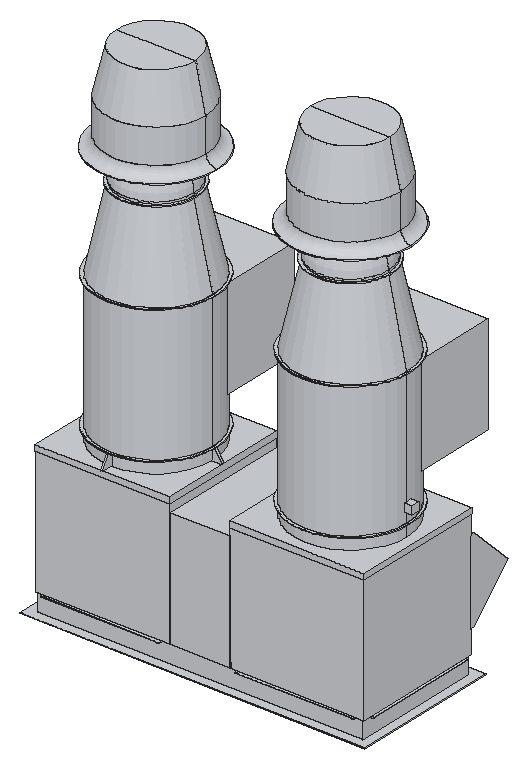
Revit family "QMXVP_with_1X2_Mixing_Box_Sides", category Mechanical Equipment, Revit 2019
Family settings
  Round Connector Dimension = Use Diameter
  Part Type = Normal
  Work Plane-Based = No
  Always vertical = Yes
  Cut with Voids When Loaded = No
  Shared = No
  Room Calculation Point = No
Parameters (values of type "402_QMXVP-27L-1X2_Mixing_Box_Sides")
  Unit Weight [instance] = ""
  UNIT_RADIUS+4" = UNIT_RADIUS + 4"  # 32 15/32"
  UNIT_RADIUS*.6 = UNIT_RADIUS * 0.9  # 25.62188"
  UNIT_RADIUS = UNIT_OD / 2  # 28 15/32"
  UNIT_RAD+((A/2)+.25")+4" = UNIT_RADIUS + ((A / 2) + 1/4") + 4"  # 66 7/32"
  UNIT_RAD+((A/2)+.25") = UNIT_RADIUS + ((A / 2) + 1/4")  # 62 7/32"
  UNIT_OD = 56 15/16"
  UNIT_HEIGHT*.75 = UNIT_HEIGHT * 0.75  # 51 3/8"
  UNIT_HEIGHT = 68 1/2"
  TYPE = 0"
  TRANSITION_TOP = 118 3/4"
  Sones [instance] = ""
  RO2/2 = 29 23/32"
  RO/2 = RO / 2  # 29 23/32"
  RO = 59 7/16"
  NOZZLE_WB_RAD-2" = NOZZLE_WB_RAD - 2"  # 28 1/2"
  NOZZLE_WB_RAD = NOZZLE_WB_OD / 2  # 30 1/2"
  NOZZLE_WB/4 = NOZZLE_WB_OD / 5  # 12.2"
  NOZZLE_TOP_RAD = NOZZLE_TOP_OD / 2  # 19 27/32"
  NOZZLE_TOP_OD = if(NOZZLE_SIZE = 108", 13 1/2", if(NOZZLE_SIZE = 144", 19 1/2", if(NOZZLE_SIZE = 180", 23", if(NOZZLE_SIZE = 216", 27 1/2", if(NOZZLE_SIZE = 252", 30 3/4", if(NOZZLE_SIZE = 288", 36 1/2", if(NOZZLE_SIZE = 324", 39 11/16", if(NOZZLE_SIZE = 360", 45 1/2", if(NOZZLE_SIZE = 432", 58", if(NOZZLE_SIZE = 588", 76", 1"))))))))))  # 39 11/16"
  NOZZLE_SIZE = 324"
  NOZZLE_HEIGHT/7*2 = NOZZLE_HEIGHT / 8 * 2  # 15 5/32"
  NOZZLE_HEIGHT = if(NOZZLE_SIZE = 108", 28", if(NOZZLE_SIZE = 144", 32", if(NOZZLE_SIZE = 180", 43", if(NOZZLE_SIZE = 216", 48", if(NOZZLE_SIZE = 252", 52 3/4", if(NOZZLE_SIZE = 288", 62", if(NOZZLE_SIZE = 360", 78", if(NOZZLE_SIZE = 324", 60 5/8", if(NOZZLE_SIZE = 432", 95", if(NOZZLE_SIZE = 588", 110", 1"))))))))))  # 60 5/8"
  NOZZLE_BOTTOM_RAD = NOZZLE_BOTTOM_ID / 2  # 19 5/32"
  NOZZLE_WB_OD = if(NOZZLE_SIZE = 108", 23", if(NOZZLE_SIZE = 144", 28", if(NOZZLE_SIZE = 180", 36", if(NOZZLE_SIZE = 216", 43", if(NOZZLE_SIZE = 252", 49", if(NOZZLE_SIZE = 288", 61", if(NOZZLE_SIZE = 324", 61", if(NOZZLE_SIZE = 360", 74", if(NOZZLE_SIZE = 432", 90", if(NOZZLE_SIZE = 588", 101", 1"))))))))))  # 61"
  NOZZLE_BOTTOM_ID = if(NOZZLE_SIZE = 108", 12 13/16", if(NOZZLE_SIZE = 144", 17 1/16", if(NOZZLE_SIZE = 180", 21 3/8", if(NOZZLE_SIZE = 216", 25 5/8", if(NOZZLE_SIZE = 252", 28 3/4", if(NOZZLE_SIZE = 288", 34 3/4", if(NOZZLE_SIZE = 324", 38 5/16", if(NOZZLE_SIZE = 360", 42 1/2", if(NOZZLE_SIZE = 432", 51 3/4", if(NOZZLE_SIZE = 588", 69 3/8", 1"))))))))))  # 38 5/16"
  Motor RPM [instance] = ""
  Motor Enclosure [instance] = ""
  ModelID [instance] = ""
  MB_HT/2 = MB_HT / 2  # 32 31/32"
  MB_HT-2.75" = MB_HT - 2 3/4"  # 63 3/16"
  MB_HT+.25" = MB_HT + 1/4"  # 66 3/16"
  MB_HT = 65 15/16"
  MB_A = 90"
  LwA [instance] = ""
  LONG_RO = 156 3/4"
  GA = if(UNIT_OD > 84", 23/128", if(UNIT_OD > 69", 17/128", 27/256"))  # 27/256"
  Fan RPM [instance] = ""
  E = 65 3/4"
  DUAL_G = 163"
  DUAL_F+1" = DUAL_F + 1"  # 165"
  DUAL_F = 164"
  CURB_HEIGHT [instance] = 12"  # constant formula
  CURB [instance] = yes
  C/2 = C / 2  # 44"
  C = 88"
  Bypass Damper Actuator = ""
  B/2 = B / 2  # 91 1/2"
  B = 183"
  Assembly Code = ""
  Accessories [instance] = ""
  A/2 = A / 2  # 33 1/2"
  A+.5 = A + 1/2"  # 67 1/2"
  A = 67"
  6" = 6"  # constant formula
  5" = 5"  # constant formula
  3.125" = 3 1/8"  # constant formula
  3" = 3"  # constant formula
  Brake Hp [instance] = ""
  4" = 4"  # constant formula
  2' = 24"
  2" = 2"  # constant formula
  135 = 135.00°
  1" = 1"  # constant formula
  0 = 0"  # constant formula
  Voltage [instance] = 0 V
  URL = "www.lorencook.com"
  Type Comments = if(TYPE = 12", "Vari-Plume Laboratory Exhaust Mixed-Flow High Pressure Inline Belt Drive With 1X2 Mixing Box With Weather Hoods On Sides\r\n", "Vari-Plume Laboratory Exhaust Mixed-Flow Inline Belt Drive With 1X2 Mixing Box With Weather Hoods On Sides\r\n")  # "Vari-Plume Laboratory Exhaust Mixed-Flow Inline Belt Drive With 1X2 Mixing Box With Weather Hoods On Sides\r\n"
  Static Pressure [instance] = 0.00 in-wg
  Power [instance] = Voltage * Motor FLA * sqrt(if(Phase = 3, 3, 1))  # 0 VA
  Phase [instance] = 0
  Number of Poles [instance] = 1
  Motor Hp [instance] = "0"
  Motor FLA [instance] = 0 A
  Model = if(TYPE = 12", "QMXHPVP-1X2_Mixing Box_Sides", "QMXVP-1X2_Mixing Box_Sides")  # "QMXVP-1X2_Mixing Box_Sides"
  Manufacturer = "Loren Cook Company"
  CFM [instance] = 0 CFM
  1.5 = 1 1/2"  # constant formula
  1/4 = 1/4"  # constant formula
  ONE EIGTH = 1/8"  # constant formula
  -A = -A  # -67"
  (NOZZLE_WB_OD-NOZZLE_TOP_OD)/2 = (NOZZLE_WB_OD - NOZZLE_TOP_OD) / 4  # 5 21/64"
  (NOZZLE_HEIGHT-(NOZZLE_HEIGHT/8*2))/2 = (NOZZLE_HEIGHT - (NOZZLE_HEIGHT / 8 * 2)) / 2  # 22 47/64"
  (A/2)+.25" = (A / 2) + 1/4"  # 33 3/4"
Reference planes (in)
  plane 1 "Center (Front/Back)": y = 0
  plane 2: z = 0
  plane 3 "Center (Left/Right)": x = 0.40541
Forms (in)
  Extrusion 1, solid
    sketch origin (0, 0, 0) x (1, 0, 0) y (0, 1, 0)
      loop
        line (-33.34459, 33.75) -> (-33.34459, -33.75) -> (34.15541, -33.75) -> (34.15541, 33.75) -> (-33.34459, 33.75)
      loop
        line (64.15541, 33.75) -> (64.15541, -33.75) -> (131.65541, -33.75) -> (131.65541, 33.75) -> (64.15541, 33.75)
    from 66.1875 <- "MB_HT+.25"" to 63.1875 <- "MB_HT-2.75""
  Revolve 2, solid
    sketch origin (0, 0, 0) x (1, 0, 0) y (0, 0, 1)
      loop
        line (0.40541, 66.1875) -> (28.87416, 66.1875) -> (28.87416, 72.1875) -> (30.37416, 72.1875) -> (30.37416, 72.4375) -> (28.87416, 72.4375) -> (28.87416, 140.4375) -> (30.37416, 140.4375) -> (30.37416, 140.6875) -> (28.87416, 140.6875) -> (19.56166, 181.6875) -> (21.06166, 181.6875) -> (21.06166, 181.9375) -> (0.40541, 181.9375) -> (0.40541, 66.1875)
      axis (0.40541, 181.9375) -> (0.40541, 66.1875)
    angle from 0 to 360
  Revolve 3, solid
    sketch origin (0, 0, 0) x (1, 0, 0) y (0, 0, 1)
      loop
        line (0.40541, 181.9375) -> (19.56166, 181.9375) -> (19.56166, 182.9375)
        arc (19.56166, 182.9375) -> (17.72865, 190.82402) -> (12.60541, 197.09375) r 17.8824
        line (12.60541, 197.09375) -> (30.90541, 197.09375) -> (20.24916, 242.5625) -> (0.40541, 242.5625) -> (0.40541, 181.9375)
      axis (0.40541, 242.5625) -> (0.40541, 181.9375)
    angle from 0 to 360
  Extrusion 4, solid
    sketch origin (0.40541, 0, 140.4375) x (1, 0, 0) y (0, -1, 0)
      loop
        line (-25.62187, -12.40924) -> (-25.62187, -54.25) -> (25.62188, -54.25) -> (25.62188, -12.40924)
        arc (25.62188, -12.40924) -> (0, -28.46875) -> (-25.62187, -12.40924) r 28.46875
      loop
        line (71.87813, -12.40924) -> (71.87813, -54.25) -> (123.12188, -54.25) -> (123.12188, -12.40924)
        arc (123.12188, -12.40924) -> (97.5, -28.46875) -> (71.87813, -12.40924) r 28.46875
    from 51.375 <- "UNIT_HEIGHT*.75" to 1.5
  Extrusion 5, solid
    sketch origin (0, 0, 0) x (1, 0, 0) y (0, 0, 1)
      loop
        line (-33.34459, 66.1875) -> (-28.06334, 66.1875) -> (-28.06334, 72.1875) -> (-29.56334, 72.1875) -> (-33.34459, 66.1875)
      loop
        line (34.15541, 66.1875) -> (30.37416, 72.1875) -> (28.87416, 72.1875) -> (28.87416, 66.1875) -> (34.15541, 66.1875)
    from -0.5 to 0.5
  Extrusion 6, solid
    sketch origin (0.40541, 0, 0) x (0, 1, 0) y (0, 0, 1)
      loop
        line (33.75, 66.1875) -> (29.96875, 72.1875) -> (28.46875, 72.1875) -> (28.46875, 66.1875) -> (33.75, 66.1875)
      loop
        line (-33.75, 66.1875) -> (-28.46875, 66.1875) -> (-28.46875, 72.1875) -> (-29.96875, 72.1875) -> (-33.75, 66.1875)
    from -0.5 to 0.5
  Extrusion 7, solid
    sketch origin (0.40541, 0, 72.1875) x (1, 0, 0) y (0, -1, 0)
      loop
        line (-28.46875, 2) -> (-32.46875, 2) -> (-32.46875, -2) -> (-28.46875, -2) -> (-28.46875, 2)
      loop
        line (129.96875, -2) -> (129.96875, 2) -> (125.96875, 2) -> (125.96875, -2) -> (129.96875, -2)
    from -10 to -6
  Revolve 8, void
    sketch origin (0, 0, 0) x (1, 0, 0) y (0, 0, 1)
      loop
        arc (25.57729, 202.67188) -> (30.90541, 197.34375) -> (36.23354, 202.67188) r 5.32813
        line (36.23354, 202.67188) -> (36.23354, 219.82813) -> (25.57729, 219.82813) -> (25.57729, 202.67188)
      axis (0.40541, 202.67188) -> (0.40541, 219.82813)
    angle from 0 to 360
  Extrusion 9, solid
    sketch origin (0, 0, 0) x (1, 0, 0) y (0, 1, 0)
      loop
        line (-33.09459, 33.5) -> (-33.09459, -33.5) -> (33.90541, -33.5) -> (33.90541, 33.5) -> (-33.09459, 33.5)
      loop
        line (64.40541, 33.5) -> (64.40541, -33.5) -> (131.40541, -33.5) -> (131.40541, 33.5) -> (64.40541, 33.5)
    from 0 to 63.1875 <- "MB_HT-2.75""
  Extrusion 10, void
    sketch origin (0, 0, 0) x (1, 0, 0) y (0, 1, 0)
      loop
        line (-32.84459, 33.25) -> (-32.84459, -33.25) -> (33.65541, -33.25) -> (33.65541, 33.25) -> (-32.84459, 33.25)
      loop
        line (64.65541, 33.25) -> (64.65541, -33.25) -> (131.15541, -33.25) -> (131.15541, 33.25) -> (64.65541, 33.25)
    from 0 to 2.875
  Extrusion 11, solid
    sketch origin (0, 0, 0) x (1, 0, 0) y (0, 1, 0)
      loop
        line (-33.34459, 29.75) -> (-34.84459, 29.75) -> (-34.84459, -29.75) -> (-33.34459, -29.75) -> (-33.34459, 29.75)
      loop
        line (-29.34459, -33.75) -> (-29.34459, -35.25) -> (30.15541, -35.25) -> (30.15541, -33.75) -> (-29.34459, -33.75)
      loop
        line (30.15541, 33.75) -> (30.15541, 35.25) -> (-29.34459, 35.25) -> (-29.34459, 33.75) -> (30.15541, 33.75)
      loop
        line (68.15541, 33.75) -> (127.65541, 33.75) -> (127.65541, 35.25) -> (68.15541, 35.25) -> (68.15541, 33.75)
      loop
        line (131.65541, 29.75) -> (131.65541, -29.75) -> (133.15541, -29.75) -> (133.15541, 29.75) -> (131.65541, 29.75)
      loop
        line (127.65541, -33.75) -> (68.15541, -33.75) -> (68.15541, -35.25) -> (127.65541, -35.25) -> (127.65541, -33.75)
    from 0 to 0.125
  Extrusion 12, solid
    sketch origin (-33.09459, 33.5, 0) x (1, 0, 0) y (0, 0, -1)
      loop
        line (63, -61.1875) -> (63, -56.1875) -> (4, -56.1875) -> (4, -61.1875) -> (63, -61.1875)
      loop
        line (160.5, -56.1875) -> (101.5, -56.1875) -> (101.5, -61.1875) -> (160.5, -61.1875) -> (160.5, -56.1875)
    from 0 to 0.125
  Extrusion 13, solid
    sketch origin (-33.09459, 33.625, 0) x (1, 0, 0) y (0, 0, -1)
      loop
        line (11, -60.1875) -> (11, -57.1875) -> (5, -57.1875) -> (5, -60.1875) -> (11, -60.1875)
      loop
        line (102.5, -60.1875) -> (108.5, -60.1875) -> (108.5, -57.1875) -> (102.5, -57.1875) -> (102.5, -60.1875)
    from 0 to 3.5
  Extrusion 14, solid
    sketch origin (-33.09459, -33.5, 0) x (0, 1, 0) y (0, 0, -1)
      loop
        line (67, -53.96875) -> (69, -53.96875) -> (90, -32.96875) -> (69, -11.96875) -> (67, -11.96875) -> (67, -53.96875)
    from 0 to -67 <- "-A"
  Revolve 15, solid
    sketch origin (0, 0, 0) x (1, 0, 0) y (0, 0, 1)
      loop
        line (97.90541, 66.1875) -> (126.37416, 66.1875) -> (126.37416, 72.1875) -> (127.87416, 72.1875) -> (127.87416, 72.4375) -> (126.37416, 72.4375) -> (126.37416, 140.1875) -> (127.87416, 140.1875) -> (127.87416, 140.4375) -> (126.37416, 140.4375) -> (117.06166, 181.4375) -> (118.56166, 181.4375) -> (118.56166, 181.6875) -> (97.90541, 181.6875) -> (97.90541, 66.1875)
      axis (97.90541, 181.6875) -> (97.90541, 66.1875)
    angle from 0 to 360
  Revolve 16, solid
    sketch origin (0, 0, 0) x (1, 0, 0) y (0, 0, 1)
      loop
        line (97.90541, 181.4375) -> (117.06166, 181.4375) -> (117.06166, 182.4375)
        arc (117.06166, 182.4375) -> (115.23435, 190.54914) -> (110.10541, 197.09375) r 18.91789
        line (110.10541, 197.09375) -> (128.40541, 197.09375) -> (117.74916, 242.5625) -> (97.90541, 242.5625) -> (97.90541, 181.4375)
      axis (97.90541, 242.5625) -> (97.90541, 181.4375)
    angle from 0 to 360
  Revolve 17, void
    sketch origin (0, 0, 0) x (1, 0, 0) y (0, 0, 1)
      loop
        line (133.73354, 219.82813) -> (123.07729, 219.82813) -> (123.07729, 202.67188)
        arc (123.07729, 202.67188) -> (128.40541, 197.34375) -> (133.73354, 202.67188) r 5.32813
        line (133.73354, 202.67188) -> (133.73354, 219.82813)
      axis (97.90541, 219.82813) -> (97.90541, 202.67188)
    angle from 0 to 360
  Extrusion 18, solid
    sketch origin (131.40541, 33.5, 0) x (0, -1, 0) y (0, 0, -1)
      loop
        line (0, -53.96875) -> (0, -11.96875) -> (-2, -11.96875) -> (-23, -32.96875) -> (-2, -53.96875) -> (0, -53.96875)
    from 0 to -67 <- "-A"
  Extrusion 19, solid
    sketch origin (33.90541, -33.5, 0) x (-1, 0, 0) y (0, 0, -1)
      loop
        line (0, -59.1875) -> (0, 0) -> (-30.5, 0) -> (-30.5, -59.1875) -> (0, -59.1875)
    from 0 to -67 <- "-A"
  Extrusion 20, void
    sketch origin (64.40541, -33.5, 0) x (1, 0, 0) y (0, 1, 0)
      loop
        line (-0.25, 0.25) -> (-0.25, 66.75) -> (-30.25, 66.75) -> (-30.25, 0.25) -> (-0.25, 0.25)
    from 0 to 2.875
  Extrusion 21, solid, visible <- "CURB"
    sketch origin (0, 0, 2.875) x (0, 1, 0) y (1, 0, 0)
      loop
        line (29.71875, -29.31334) -> (29.71875, 127.43666) -> (-29.71875, 127.43666) -> (-29.71875, -29.31334) -> (29.71875, -29.31334)
      loop
        line (-32.84375, 130.56166) -> (-32.84375, -32.43834) -> (32.84375, -32.43834) -> (32.84375, 130.56166) -> (-32.84375, 130.56166)
    from 0 to 12 <- "CURB_HEIGHT"
  Extrusion 22, solid, visible <- "CURB"
    sketch origin (0, 0, -9.125) x (-1, 0, 0) y (0, 1, 0)
      loop
        line (32.43834, -32.84375) -> (32.43834, 32.84375) -> (-130.56166, 32.84375) -> (-130.56166, -32.84375) -> (32.43834, -32.84375)
      loop
        line (-135.56166, 37.84375) -> (-135.56166, -37.84375) -> (37.43834, -37.84375) -> (37.43834, 37.84375) -> (-135.56166, 37.84375)
    from 0 to -0.125
Cuts and joins
  Revolve 8 cuts Revolve 3
  Extrusion 10, Extrusion 20 cuts Extrusion 9
  Revolve 17 cuts Revolve 16
  Extrusion 20 cuts Extrusion 11
  Extrusion 20 cuts Extrusion 19
Dimensions and locks (in)
  "(A/2)+.25"": Extrusion 1 sketch curve to plane 3 "Center (Left/Right)"
  "(A/2)+.25"": plane 3 "Center (Left/Right)" to Extrusion 1 sketch curve
  "(A/2)+.25"": plane 1 "Center (Front/Back)" to Extrusion 1 sketch curve
  "(A/2)+.25"": Extrusion 1 sketch curve to plane 1 "Center (Front/Back)"
  "1/4": Revolve 2 sketch curve to Revolve 2 sketch curve  (x3)
  "1.5": Revolve 2 sketch curve to Revolve 2 sketch curve  (x3)
  "NOZZLE_BOTTOM_RAD": Revolve 2 sketch curve to plane 3 "Center (Left/Right)"
  "UNIT_HEIGHT": Revolve 2 sketch curve to Revolve 2 sketch curve
  "UNIT_RADIUS": Revolve 2 sketch curve to plane 3 "Center (Left/Right)"
  "UNIT_RADIUS": Revolve 2 sketch curve to Revolve 2 sketch curve
  "0": Revolve 2 sketch curve to plane 3 "Center (Left/Right)"  (x2)
  "0": Revolve 3 sketch curve to plane 3 "Center (Left/Right)"  (x2)
  "NOZZLE_TOP_RAD": Revolve 3 sketch curve to plane 3 "Center (Left/Right)"
  "NOZZLE_HEIGHT": Revolve 3 sketch curve to Revolve 2
  "0": Revolve 3 sketch curve to Revolve 2
  "NOZZLE_WB_RAD": Revolve 3 sketch curve to plane 3 "Center (Left/Right)"
  "NOZZLE_HEIGHT/7*2": Revolve 3 sketch curve to Revolve 3 sketch curve
  "NOZZLE_BOTTOM_RAD": Revolve 3 sketch curve to plane 3 "Center (Left/Right)"
  "1"": Revolve 3 sketch curve to Revolve 2  (x2)
  "NOZZLE_WB/4": Revolve 3 sketch curve to Revolve 3 sketch curve
  "0": Revolve 2 sketch curve to Revolve 2 sketch curve
  "0": Extrusion 4 sketch curve to plane 3 "Center (Left/Right)"
  "0": Extrusion 4 sketch curve to plane 1 "Center (Front/Back)"  (x2)
  "UNIT_RADIUS*.6": Extrusion 4 sketch curve to plane 3 "Center (Left/Right)"
  "UNIT_RADIUS*.6": plane 3 "Center (Left/Right)" to Extrusion 4 sketch curve
  "0": Revolve 2 to Extrusion 5 sketch curve  (x3)
  "0": Extrusion 5 sketch curve to Revolve 2
  "1.5": Extrusion 5 sketch curve to Extrusion 5 sketch curve  (x2)
  "0": Revolve 2 to Extrusion 6 sketch curve
  "0": Extrusion 6 sketch curve to Revolve 2
  "UNIT_RADIUS": plane 1 "Center (Front/Back)" to Extrusion 6 sketch curve
  "UNIT_RADIUS": Extrusion 6 sketch curve to plane 1 "Center (Front/Back)"
  "1.5": Extrusion 6 sketch curve to Extrusion 6 sketch curve  (x2)
  "2"": plane 1 "Center (Front/Back)" to Extrusion 7 sketch curve
  "2"": Extrusion 7 sketch curve to plane 1 "Center (Front/Back)"
  "UNIT_RADIUS+4"": Extrusion 7 sketch curve to plane 3 "Center (Left/Right)"
  "UNIT_RADIUS": Extrusion 7 sketch curve to plane 3 "Center (Left/Right)"
  "NOZZLE_WB_RAD": Revolve 8 sketch curve to plane 3 "Center (Left/Right)"
  "(NOZZLE_WB_OD-NOZZLE_TOP_OD)/2": Revolve 8 sketch curve to Revolve 8 sketch curve  (x2)
  "1/4": Revolve 8 sketch curve to Revolve 3
  "(NOZZLE_HEIGHT-(NOZZLE_HEIGHT/8*2))/2": Revolve 8 sketch curve to Revolve 3
  "0": plane 3 "Center (Left/Right)" to Revolve 8 sketch curve
  "1/4": Extrusion 1 to Extrusion 9 sketch curve  (x4)
  "1/4": Extrusion 9 sketch curve to Extrusion 1  (x4)
  "1/4": Extrusion 10 sketch curve to Extrusion 9  (x3)
  "1/4": Extrusion 9 to Extrusion 10 sketch curve
  "1.5": Extrusion 11 sketch curve to Extrusion 11 sketch curve  (x6)
  "0": Extrusion 11 sketch curve to Extrusion 1  (x5)
  "4"": Extrusion 11 sketch curve to Extrusion 1  (x4)
  "4"": Extrusion 1 to Extrusion 11 sketch curve  (x8)
  "4"": cut or joined group of Extrusion 9, Extrusion 10, Extrusion 20 to Extrusion 12 sketch curve  (x4)
  "5"": Extrusion 12 sketch curve to Extrusion 12 sketch curve  (x2)
  "2"": Extrusion 12 sketch curve to cut or joined group of Extrusion 9, Extrusion 10, Extrusion 20  (x2)
  "1"": Extrusion 13 sketch curve to Extrusion 12  (x3)
  "1"": Extrusion 12 to Extrusion 13 sketch curve  (x3)
  "6"": Extrusion 13 sketch curve to Extrusion 13 sketch curve  (x2)
  "TRANSITION_TOP": cut or joined group of Extrusion 9, Extrusion 10, Extrusion 20 to Revolve 2 sketch curve
  "0": Extrusion 1 to Revolve 2 sketch curve
  "C": Extrusion 1 to Extrusion 4 sketch curve  (x2)
  "0": Extrusion 5 sketch curve to Extrusion 1  (x2)
  "0": Extrusion 1 to Extrusion 5 sketch curve  (x2)
  "0": Extrusion 6 sketch curve to Extrusion 1  (x3)
  "0": Extrusion 1 to Extrusion 6 sketch curve
  "MB_HT/2": Extrusion 14 sketch curve to level
  "2"": Extrusion 14 sketch curve to Extrusion 14 sketch curve  (x2)
  "0": Extrusion 14 sketch curve to cut or joined group of Extrusion 9, Extrusion 10, Extrusion 20
  "MB_A": Extrusion 14 sketch curve to cut or joined group of Extrusion 9, Extrusion 10, Extrusion 20
  "A+.5": Extrusion 1 sketch curve to Extrusion 1 sketch curve
  "DUAL_F+1"": Extrusion 1 sketch curve to Extrusion 1 sketch curve
  "0": Extrusion 1 sketch curve to Extrusion 1 sketch curve  (x2)
  "(A/2)+.25"": Extrusion 1 to Revolve 15 sketch curve  (x2)
  "UNIT_RADIUS": Revolve 15 sketch curve to Revolve 15 sketch curve  (x2)
  "0": Revolve 15 sketch curve to Revolve 15 sketch curve
  "NOZZLE_BOTTOM_RAD": Revolve 15 sketch curve to Revolve 15 sketch curve
  "0": Revolve 15 sketch curve to Revolve 2  (x2)
  "0": Revolve 2 to Revolve 15 sketch curve
  "0": Revolve 15 sketch curve to Extrusion 1
  "1/4": Revolve 15 sketch curve to Revolve 15 sketch curve  (x3)
  "1.5": Revolve 15 sketch curve to Revolve 15 sketch curve  (x3)
  "0": Revolve 16 sketch curve to Revolve 15
  "0": Revolve 16 sketch curve to cut or joined group of Revolve 3, Revolve 8
  "0": cut or joined group of Revolve 3, Revolve 8 to Revolve 16 sketch curve
  "0": Revolve 15 to Revolve 16 sketch curve
  "NOZZLE_WB_RAD": Revolve 16 sketch curve to Revolve 16 sketch curve
  "NOZZLE_TOP_RAD": Revolve 16 sketch curve to Revolve 16 sketch curve
  "(A/2)+.25"": Revolve 16 sketch curve to Extrusion 1  (x2)
  "1"": Revolve 16 sketch curve to Revolve 15
  "NOZZLE_WB/4": Revolve 16 sketch curve to Revolve 16 sketch curve
  "1/4": Revolve 17 sketch curve to Revolve 16
  "(NOZZLE_WB_OD-NOZZLE_TOP_OD)/2": Revolve 16 to Revolve 17 sketch curve  (x2)
  "(NOZZLE_HEIGHT-(NOZZLE_HEIGHT/8*2))/2": Revolve 17 sketch curve to Revolve 16
  "(A/2)+.25"": Revolve 17 sketch curve to Extrusion 1
  "(A/2)+.25"": Extrusion 4 sketch curve to Extrusion 1
  "UNIT_RADIUS*.6": Extrusion 4 sketch curve to Extrusion 4 sketch curve  (x2)
  "1/4": cut or joined group of Extrusion 9, Extrusion 10, Extrusion 20 to Extrusion 10 sketch curve  (x2)
  "1/4": Extrusion 10 sketch curve to cut or joined group of Extrusion 9, Extrusion 10, Extrusion 20  (x2)
  "0": Extrusion 1 to Extrusion 11 sketch curve
  "0": Extrusion 18 sketch curve to cut or joined group of Extrusion 9, Extrusion 10, Extrusion 20
  "0": Extrusion 14 to Extrusion 18 sketch curve  (x4)
  "UNIT_RAD+((A/2)+.25")": Extrusion 1 to Extrusion 7 sketch curve
  "UNIT_RAD+((A/2)+.25")+4"": Extrusion 1 to Extrusion 7 sketch curve
  "0": Extrusion 7 sketch curve to Extrusion 7 sketch curve  (x2)
  "4"": Extrusion 1 to Extrusion 19 sketch curve
  "0": Extrusion 19 sketch curve to cut or joined group of Extrusion 9, Extrusion 10, Extrusion 20  (x3)
  "1/4": Extrusion 20 sketch curve to Extrusion 19  (x2)
  "1/4": Extrusion 19 to Extrusion 20 sketch curve  (x2)
  "3.125"": Extrusion 21 sketch curve to Extrusion 21 sketch curve  (x4)
  "RO2/2": Extrusion 21 sketch curve to plane 3 "Center (Left/Right)"
  "LONG_RO": Extrusion 21 sketch curve to Extrusion 21 sketch curve
  "RO/2": plane 1 "Center (Front/Back)" to Extrusion 21 sketch curve
  "RO/2": Extrusion 21 sketch curve to plane 1 "Center (Front/Back)"
  "5"": Extrusion 22 sketch curve to Extrusion 22 sketch curve  (x4)
  "0": Extrusion 22 sketch curve to Extrusion 21  (x3)
  "0": Extrusion 21 to Extrusion 22 sketch curve
  "UNIT_RADIUS": radius of Extrusion 4 sketch curve  (x2)
  "135": angle Extrusion 14 sketch curve to Extrusion 14 sketch curve  (x2)
Automatic sketch dimensions
  Revolve 2 sketch curve to Revolve 2 sketch curve = 0"
  Revolve 2 sketch curve to Revolve 2 sketch curve = 4"
  Revolve 3 sketch curve to Revolve 3 sketch curve = 7"
  Revolve 3 sketch curve to Revolve 3 sketch curve = 3"
  Revolve 8 sketch curve to Revolve 8 sketch curve = 13"
  Revolve 8 sketch curve to Revolve 8 sketch curve = 53.21605"
  Revolve 2 sketch curve to Revolve 2 sketch curve = 6"
  Revolve 15 sketch curve to Revolve 15 sketch curve = 18"
  Revolve 15 sketch curve to Revolve 15 sketch curve = 0"
  Revolve 16 sketch curve to Revolve 16 sketch curve = 36"
  Revolve 16 sketch curve to Revolve 16 sketch curve = 0"
  Revolve 17 sketch curve to Revolve 17 sketch curve = 19"
  Revolve 17 sketch curve to Revolve 17 sketch curve = 13.98087"
  Extrusion 4 sketch curve to Extrusion 4 sketch curve = 0"  (x2)
Connectors (in)
  electrical at (128.37416, 0, 78.1875)
    settings: on Extrusion 7, index 1, voltage 0 V, apparent load 0 VA, apparent load phase1 0 VA, apparent load phase2 0 VA, apparent load phase3 0 VA, power factor 1, load classification "Other", number of poles 1, system type 30, power factor state 1, is connector primary yes, connector utility no, sub classification motor no, connector description ""
  electrical at (-30.06334, 0, 78.1875)
    settings: on Extrusion 7, index 2, voltage 0 V, apparent load 0 VA, apparent load phase1 0 VA, apparent load phase2 0 VA, apparent load phase3 0 VA, power factor 1, load classification "Other", number of poles 1, system type 30, power factor state 1, is connector primary no, connector utility no, sub classification motor no, connector description ""
  electrical at (0.40541, 34.5, 11.96875), driven by "Bypass Damper Actuator"
    settings: on Extrusion 14, index 3, voltage 0 V, apparent load 0 VA, apparent load phase1 0 VA, apparent load phase2 0 VA, apparent load phase3 0 VA, power factor 1, load classification "Other", number of poles 1, system type 13, power factor state 1, is connector primary no, connector utility no, sub classification motor no, connector description ""
  electrical at (97.90541, 34.5, 11.96875), driven by "Bypass Damper Actuator"
    settings: on Extrusion 18, index 4, voltage 0 V, apparent load 0 VA, apparent load phase1 0 VA, apparent load phase2 0 VA, apparent load phase3 0 VA, power factor 1, load classification "Other", number of poles 1, system type 13, power factor state 1, is connector primary no, connector utility no, sub classification motor no, connector description ""
  hvac at (49.15541, 0, 2.875), driven by "LONG_RO", driven by "RO", driven by "CFM"
    settings: on cut or joined group of Extrusion 19, Extrusion 20, index 5, duct flow 0 CFM, flow factor 0, pres drop 0.00 in-wg, loss coef 0, conn angle 0.00°, conn width 59 7/16", conn height 156 3/4", conn diameter 24", duct sys type 3, conn prof type 1, flow config 0, flow direction 1, loss method 0, conn ref index -1, conn util no, is conn primary yes, conn desc ""
Types (225): name | UNIT_RADIUS+4" | UNIT_RADIUS*.6 | UNIT_RADIUS | UNIT_RAD+((A/2)+.25")+4" | UNIT_RAD+((A/2)+.25") | UNIT_OD | UNIT_HEIGHT*.75 | UNIT_HEIGHT | TYPE | TRANSITION_TOP | RO2/2 | RO/2 | RO | NOZZLE_WB_RAD-2" | NOZZLE_WB_RAD | NOZZLE_WB/4 | NOZZLE_TOP_RAD | NOZZLE_TOP_OD | NOZZLE_SIZE | NOZZLE_HEIGHT/7*2 | NOZZLE_HEIGHT | NOZZLE_BOTTOM_RAD | NOZZLE_WB_OD | NOZZLE_BOTTOM_ID | MB_HT/2 | MB_HT-2.75" | MB_HT+.25" | MB_HT | MB_A | LONG_RO | GA | E | DUAL_G | DUAL_F+1" | DUAL_F | C/2 | C | B/2 | B | A/2 | A+.5 | A | Type Comments | Model | -A | (NOZZLE_WB_OD-NOZZLE_TOP_OD)/2 | (NOZZLE_HEIGHT-(NOZZLE_HEIGHT/8*2))/2 | (A/2)+.25"
  (no name) | 32 15/32" | 25.62188" | 28 15/32" | 66 7/32" | 62 7/32" | 56 15/16" | 51 3/8" | 68 1/2" | 0" | 118 3/4" | 29 23/32" | 29 23/32" | 59 7/16" | 28 1/2" | 30 1/2" | 12.2" | 19 27/32" | 39 11/16" | 324" | 15 5/32" | 60 5/8" | 19 5/32" | 61" | 38 5/16" | 32 31/32" | 63 3/16" | 66 3/16" | 65 15/16" | 90" | 156 3/4" | 27/256" | 65 3/4" | 163" | 165" | 164" | 44" | 88" | 91 1/2" | 183" | 33 1/2" | 67 1/2" | 67" | "Vari-Plume Laboratory Exhaust Mixed-Flow Inline Belt Drive With 1X2 Mixing Box With Weather Hoods On Sides\r\n" | "QMXVP-1X2_Mixing Box_Sides" | -67" | 5 21/64" | 22 47/64" | 33 3/4"
  90_QMXVP-9L-1X2_Mixing_Box_Sides | 10 13/32" | 5 49/64" | 6 13/32" | 24 21/32" | 20 21/32" | 12 13/16" | 14 29/32" | 19 7/8" | 0" | 37 1/16" | 10 1/2" | 10 1/2" | 21" | 9 1/2" | 11 1/2" | 4.6" | 6 3/4" | 13 1/2" | 108" | 7" | 28" | 6 13/32" | 23" | 12 13/16" | 14 19/32" | 26 7/16" | 29 7/16" | 29 3/16" | 34" | 57 1/16" | 27/256" | 27 3/16" | 63 5/16" | 65" | 64" | 15" | 30" | 32 1/2" | 65" | 14" | 28 1/2" | 28" | "Vari-Plume Laboratory Exhaust Mixed-Flow Inline Belt Drive With 1X2 Mixing Box With Weather Hoods On Sides\r\n" | "QMXVP-1X2_Mixing Box_Sides" | -28" | 2 3/8" | 10 1/2" | 14 1/4"
  490_QMXVP-49H-1X2_Mixing_Box_Sides | 38 11/16" | 31 7/32" | 34 11/16" | 78 15/16" | 74 15/16" | 69 3/8" | 60 3/8" | 80 1/2" | 0" | 96 3/4" | 36 1/8" | 36 1/8" | 72 1/4" | 48 1/2" | 50 1/2" | 20.2" | 38" | 76" | 588" | 27 1/2" | 110" | 34 11/16" | 101" | 69 3/8" | 43 15/32" | 84 3/16" | 87 3/16" | 86 15/16" | 113" | 184 3/4" | 17/128" | 78 1/2" | 191" | 193" | 192" | 51 1/2" | 103" | 109 1/2" | 219" | 40" | 80 1/2" | 80" | "Vari-Plume Laboratory Exhaust Mixed-Flow Inline Belt Drive With 1X2 Mixing Box With Weather Hoods On Sides\r\n" | "QMXVP-1X2_Mixing Box_Sides" | -80" | 6 1/4" | 41 1/4" | 40 1/4"
  90_QMXVP-9H-1X2_Mixing_Box_Sides | 10 13/32" | 5 49/64" | 6 13/32" | 24 21/32" | 20 21/32" | 12 13/16" | 14 29/32" | 19 7/8" | 0" | 37 1/16" | 10 1/2" | 10 1/2" | 21" | 9 1/2" | 11 1/2" | 4.6" | 6 3/4" | 13 1/2" | 108" | 7" | 28" | 6 13/32" | 23" | 12 13/16" | 14 19/32" | 26 7/16" | 29 7/16" | 29 3/16" | 34" | 57 1/16" | 27/256" | 27 3/16" | 63 5/16" | 65" | 64" | 15" | 30" | 32 1/2" | 65" | 14" | 28 1/2" | 28" | "Vari-Plume Laboratory Exhaust Mixed-Flow Inline Belt Drive With 1X2 Mixing Box With Weather Hoods On Sides\r\n" | "QMXVP-1X2_Mixing Box_Sides" | -28" | 2 3/8" | 10 1/2" | 14 1/4"
  120_QMXVP-9L-1X2_Mixing_Box_Sides | 12 17/32" | 7.67813" | 8 17/32" | 26 25/32" | 22 25/32" | 17 1/16" | 14 29/32" | 19 7/8" | 0" | 43 3/16" | 10 1/2" | 10 1/2" | 21" | 9 1/2" | 11 1/2" | 4.6" | 6 3/4" | 13 1/2" | 108" | 7" | 28" | 6 13/32" | 23" | 12 13/16" | 15 23/32" | 28 11/16" | 31 11/16" | 31 7/16" | 35" | 57 1/16" | 27/256" | 27 3/16" | 63 5/16" | 65" | 64" | 18 1/2" | 37" | 35 1/2" | 71" | 14" | 28 1/2" | 28" | "Vari-Plume Laboratory Exhaust Mixed-Flow Inline Belt Drive With 1X2 Mixing Box With Weather Hoods On Sides\r\n" | "QMXVP-1X2_Mixing Box_Sides" | -28" | 2 3/8" | 10 1/2" | 14 1/4"
  120_QMXVP-9H-1X2_Mixing_Box_Sides | 12 17/32" | 7.67813" | 8 17/32" | 26 25/32" | 22 25/32" | 17 1/16" | 14 29/32" | 19 7/8" | 0" | 43 3/16" | 10 1/2" | 10 1/2" | 21" | 9 1/2" | 11 1/2" | 4.6" | 6 3/4" | 13 1/2" | 108" | 7" | 28" | 6 13/32" | 23" | 12 13/16" | 15 23/32" | 28 11/16" | 31 11/16" | 31 7/16" | 35" | 57 1/16" | 27/256" | 27 3/16" | 63 5/16" | 65" | 64" | 18 1/2" | 37" | 35 1/2" | 71" | 14" | 28 1/2" | 28" | "Vari-Plume Laboratory Exhaust Mixed-Flow Inline Belt Drive With 1X2 Mixing Box With Weather Hoods On Sides\r\n" | "QMXVP-1X2_Mixing Box_Sides" | -28" | 2 3/8" | 10 1/2" | 14 1/4"
  120_QMXVP-12L-1X2_Mixing_Box_Sides | 12 17/32" | 7.67813" | 8 17/32" | 26 25/32" | 22 25/32" | 17 1/16" | 14 29/32" | 19 7/8" | 0" | 39 7/16" | 10 1/2" | 10 1/2" | 21" | 12" | 14" | 5.6" | 9 3/4" | 19 1/2" | 144" | 8" | 32" | 8 17/32" | 28" | 17 1/16" | 15 23/32" | 28 11/16" | 31 11/16" | 31 7/16" | 35" | 57 1/16" | 27/256" | 27 3/16" | 63 5/16" | 65" | 64" | 18 1/2" | 37" | 35 1/2" | 71" | 14" | 28 1/2" | 28" | "Vari-Plume Laboratory Exhaust Mixed-Flow Inline Belt Drive With 1X2 Mixing Box With Weather Hoods On Sides\r\n" | "QMXVP-1X2_Mixing Box_Sides" | -28" | 2 1/8" | 12" | 14 1/4"
  120_QMXVP-12H-1X2_Mixing_Box_Sides | 12 17/32" | 7.67813" | 8 17/32" | 26 25/32" | 22 25/32" | 17 1/16" | 14 29/32" | 19 7/8" | 0" | 39 7/16" | 10 1/2" | 10 1/2" | 21" | 12" | 14" | 5.6" | 9 3/4" | 19 1/2" | 144" | 8" | 32" | 8 17/32" | 28" | 17 1/16" | 15 23/32" | 28 11/16" | 31 11/16" | 31 7/16" | 35" | 57 1/16" | 27/256" | 27 3/16" | 63 5/16" | 65" | 64" | 18 1/2" | 37" | 35 1/2" | 71" | 14" | 28 1/2" | 28" | "Vari-Plume Laboratory Exhaust Mixed-Flow Inline Belt Drive With 1X2 Mixing Box With Weather Hoods On Sides\r\n" | "QMXVP-1X2_Mixing Box_Sides" | -28" | 2 1/8" | 12" | 14 1/4"
  135_QMXVP-9L-1X2_Mixing_Box_Sides | 13 5/8" | 8.6625" | 9 5/8" | 27 7/8" | 23 7/8" | 19 1/4" | 20 1/4" | 27" | 0" | 48 11/16" | 10 15/32" | 10 15/32" | 20 15/16" | 9 1/2" | 11 1/2" | 4.6" | 6 3/4" | 13 1/2" | 108" | 7" | 28" | 6 13/32" | 23" | 12 13/16" | 16 23/32" | 30 11/16" | 33 11/16" | 33 7/16" | 36" | 57 1/16" | 27/256" | 27 1/8" | 63 5/16" | 65" | 64" | 19 1/2" | 39" | 38 1/2" | 77" | 14" | 28 1/2" | 28" | "Vari-Plume Laboratory Exhaust Mixed-Flow Inline Belt Drive With 1X2 Mixing Box With Weather Hoods On Sides\r\n" | "QMXVP-1X2_Mixing Box_Sides" | -28" | 2 3/8" | 10 1/2" | 14 1/4"
  135_QMXVP-9H-1X2_Mixing_Box_Sides | 13 5/8" | 8.6625" | 9 5/8" | 27 7/8" | 23 7/8" | 19 1/4" | 20 1/4" | 27" | 0" | 48 11/16" | 10 15/32" | 10 15/32" | 20 15/16" | 9 1/2" | 11 1/2" | 4.6" | 6 3/4" | 13 1/2" | 108" | 7" | 28" | 6 13/32" | 23" | 12 13/16" | 16 23/32" | 30 11/16" | 33 11/16" | 33 7/16" | 36" | 57 1/16" | 27/256" | 27 1/8" | 63 5/16" | 65" | 64" | 19 1/2" | 39" | 38 1/2" | 77" | 14" | 28 1/2" | 28" | "Vari-Plume Laboratory Exhaust Mixed-Flow Inline Belt Drive With 1X2 Mixing Box With Weather Hoods On Sides\r\n" | "QMXVP-1X2_Mixing Box_Sides" | -28" | 2 3/8" | 10 1/2" | 14 1/4"
  150_QMXVP-9L-1X2_Mixing_Box_Sides | 14 11/16" | 9.61875" | 10 11/16" | 29 15/16" | 25 15/16" | 21 3/8" | 22 1/2" | 30" | 0" | 54 1/4" | 11 15/32" | 11 15/32" | 22 15/16" | 9 1/2" | 11 1/2" | 4.6" | 6 3/4" | 13 1/2" | 108" | 7" | 28" | 6 13/32" | 23" | 12 13/16" | 17 19/32" | 32 7/16" | 35 7/16" | 35 3/16" | 38" | 61 1/16" | 27/256" | 29 1/8" | 67 5/16" | 69" | 68" | 21" | 42" | 43 1/2" | 87" | 15" | 30 1/2" | 30" | "Vari-Plume Laboratory Exhaust Mixed-Flow Inline Belt Drive With 1X2 Mixing Box With Weather Hoods On Sides\r\n" | "QMXVP-1X2_Mixing Box_Sides" | -30" | 2 3/8" | 10 1/2" | 15 1/4"
  135_QMXVP-12L-1X2_Mixing_Box_Sides | 13 5/8" | 8.6625" | 9 5/8" | 27 7/8" | 23 7/8" | 19 1/4" | 20 1/4" | 27" | 0" | 40 11/16" | 10 15/32" | 10 15/32" | 20 15/16" | 12" | 14" | 5.6" | 9 3/4" | 19 1/2" | 144" | 8" | 32" | 8 17/32" | 28" | 17 1/16" | 16 23/32" | 30 11/16" | 33 11/16" | 33 7/16" | 36" | 57 1/16" | 27/256" | 27 1/8" | 63 5/16" | 65" | 64" | 19 1/2" | 39" | 38 1/2" | 77" | 14" | 28 1/2" | 28" | "Vari-Plume Laboratory Exhaust Mixed-Flow Inline Belt Drive With 1X2 Mixing Box With Weather Hoods On Sides\r\n" | "QMXVP-1X2_Mixing Box_Sides" | -28" | 2 1/8" | 12" | 14 1/4"
  135_QMXVP-12H-1X2_Mixing_Box_Sides | 13 5/8" | 8.6625" | 9 5/8" | 27 7/8" | 23 7/8" | 19 1/4" | 20 1/4" | 27" | 0" | 40 11/16" | 10 15/32" | 10 15/32" | 20 15/16" | 12" | 14" | 5.6" | 9 3/4" | 19 1/2" | 144" | 8" | 32" | 8 17/32" | 28" | 17 1/16" | 16 23/32" | 30 11/16" | 33 11/16" | 33 7/16" | 36" | 57 1/16" | 27/256" | 27 1/8" | 63 5/16" | 65" | 64" | 19 1/2" | 39" | 38 1/2" | 77" | 14" | 28 1/2" | 28" | "Vari-Plume Laboratory Exhaust Mixed-Flow Inline Belt Drive With 1X2 Mixing Box With Weather Hoods On Sides\r\n" | "QMXVP-1X2_Mixing Box_Sides" | -28" | 2 1/8" | 12" | 14 1/4"
  150_QMXVP-9H-1X2_Mixing_Box_Sides | 14 11/16" | 9.61875" | 10 11/16" | 29 15/16" | 25 15/16" | 21 3/8" | 22 1/2" | 30" | 0" | 54 1/4" | 11 15/32" | 11 15/32" | 22 15/16" | 9 1/2" | 11 1/2" | 4.6" | 6 3/4" | 13 1/2" | 108" | 7" | 28" | 6 13/32" | 23" | 12 13/16" | 17 19/32" | 32 7/16" | 35 7/16" | 35 3/16" | 38" | 61 1/16" | 27/256" | 29 1/8" | 67 5/16" | 69" | 68" | 21" | 42" | 43 1/2" | 87" | 15" | 30 1/2" | 30" | "Vari-Plume Laboratory Exhaust Mixed-Flow Inline Belt Drive With 1X2 Mixing Box With Weather Hoods On Sides\r\n" | "QMXVP-1X2_Mixing Box_Sides" | -30" | 2 3/8" | 10 1/2" | 15 1/4"
  150_QMXVP-12L-1X2_Mixing_Box_Sides | 14 11/16" | 9.61875" | 10 11/16" | 29 15/16" | 25 15/16" | 21 3/8" | 22 1/2" | 30" | 0" | 46 1/4" | 11 15/32" | 11 15/32" | 22 15/16" | 12" | 14" | 5.6" | 9 3/4" | 19 1/2" | 144" | 8" | 32" | 8 17/32" | 28" | 17 1/16" | 17 19/32" | 32 7/16" | 35 7/16" | 35 3/16" | 38" | 61 1/16" | 27/256" | 29 1/8" | 67 5/16" | 69" | 68" | 21" | 42" | 43 1/2" | 87" | 15" | 30 1/2" | 30" | "Vari-Plume Laboratory Exhaust Mixed-Flow Inline Belt Drive With 1X2 Mixing Box With Weather Hoods On Sides\r\n" | "QMXVP-1X2_Mixing Box_Sides" | -30" | 2 1/8" | 12" | 15 1/4"
  150_QMXVP-12H-1X2_Mixing_Box_Sides | 14 11/16" | 9.61875" | 10 11/16" | 29 15/16" | 25 15/16" | 21 3/8" | 22 1/2" | 30" | 0" | 46 1/4" | 11 15/32" | 11 15/32" | 22 15/16" | 12" | 14" | 5.6" | 9 3/4" | 19 1/2" | 144" | 8" | 32" | 8 17/32" | 28" | 17 1/16" | 17 19/32" | 32 7/16" | 35 7/16" | 35 3/16" | 38" | 61 1/16" | 27/256" | 29 1/8" | 67 5/16" | 69" | 68" | 21" | 42" | 43 1/2" | 87" | 15" | 30 1/2" | 30" | "Vari-Plume Laboratory Exhaust Mixed-Flow Inline Belt Drive With 1X2 Mixing Box With Weather Hoods On Sides\r\n" | "QMXVP-1X2_Mixing Box_Sides" | -30" | 2 1/8" | 12" | 15 1/4"
  150_QMXVP-15L-1X2_Mixing_Box_Sides | 14 11/16" | 9.61875" | 10 11/16" | 29 15/16" | 25 15/16" | 21 3/8" | 22 1/2" | 30" | 0" | 43 5/16" | 11 15/32" | 11 15/32" | 22 15/16" | 16" | 18" | 7.2" | 11 1/2" | 23" | 180" | 10 3/4" | 43" | 10 11/16" | 36" | 21 3/8" | 17 19/32" | 32 7/16" | 35 7/16" | 35 3/16" | 38" | 61 1/16" | 27/256" | 29 1/8" | 67 5/16" | 69" | 68" | 21" | 42" | 43 1/2" | 87" | 15" | 30 1/2" | 30" | "Vari-Plume Laboratory Exhaust Mixed-Flow Inline Belt Drive With 1X2 Mixing Box With Weather Hoods On Sides\r\n" | "QMXVP-1X2_Mixing Box_Sides" | -30" | 3 1/4" | 16 1/8" | 15 1/4"
  150_QMXVP-15H-1X2_Mixing_Box_Sides | 14 11/16" | 9.61875" | 10 11/16" | 29 15/16" | 25 15/16" | 21 3/8" | 22 1/2" | 30" | 0" | 43 5/16" | 11 15/32" | 11 15/32" | 22 15/16" | 16" | 18" | 7.2" | 11 1/2" | 23" | 180" | 10 3/4" | 43" | 10 11/16" | 36" | 21 3/8" | 17 19/32" | 32 7/16" | 35 7/16" | 35 3/16" | 38" | 61 1/16" | 27/256" | 29 1/8" | 67 5/16" | 69" | 68" | 21" | 42" | 43 1/2" | 87" | 15" | 30 1/2" | 30" | "Vari-Plume Laboratory Exhaust Mixed-Flow Inline Belt Drive With 1X2 Mixing Box With Weather Hoods On Sides\r\n" | "QMXVP-1X2_Mixing Box_Sides" | -30" | 3 1/4" | 16 1/8" | 15 1/4"
  165_QMXVP-9L-1X2_Mixing_Box_Sides | 15 3/4" | 10.575" | 11 3/4" | 32" | 28" | 23 1/2" | 24 3/4" | 33" | 0" | 61 1/4" | 12 15/32" | 12 15/32" | 24 15/16" | 9 1/2" | 11 1/2" | 4.6" | 6 3/4" | 13 1/2" | 108" | 7" | 28" | 6 13/32" | 23" | 12 13/16" | 18 15/32" | 34 3/16" | 37 3/16" | 36 15/16" | 41" | 65 1/16" | 27/256" | 31 1/8" | 71 5/16" | 73" | 72" | 22" | 44" | 44 1/2" | 89" | 16" | 32 1/2" | 32" | "Vari-Plume Laboratory Exhaust Mixed-Flow Inline Belt Drive With 1X2 Mixing Box With Weather Hoods On Sides\r\n" | "QMXVP-1X2_Mixing Box_Sides" | -32" | 2 3/8" | 10 1/2" | 16 1/4"
  165_QMXVP-9H-1X2_Mixing_Box_Sides | 15 3/4" | 10.575" | 11 3/4" | 32" | 28" | 23 1/2" | 24 3/4" | 33" | 0" | 61 1/4" | 12 15/32" | 12 15/32" | 24 15/16" | 9 1/2" | 11 1/2" | 4.6" | 6 3/4" | 13 1/2" | 108" | 7" | 28" | 6 13/32" | 23" | 12 13/16" | 18 15/32" | 34 3/16" | 37 3/16" | 36 15/16" | 41" | 65 1/16" | 27/256" | 31 1/8" | 71 5/16" | 73" | 72" | 22" | 44" | 44 1/2" | 89" | 16" | 32 1/2" | 32" | "Vari-Plume Laboratory Exhaust Mixed-Flow Inline Belt Drive With 1X2 Mixing Box With Weather Hoods On Sides\r\n" | "QMXVP-1X2_Mixing Box_Sides" | -32" | 2 3/8" | 10 1/2" | 16 1/4"
  165_QMXVP-12L-1X2_Mixing_Box_Sides | 15 3/4" | 10.575" | 11 3/4" | 32" | 28" | 23 1/2" | 24 3/4" | 33" | 0" | 53 1/4" | 12 15/32" | 12 15/32" | 24 15/16" | 12" | 14" | 5.6" | 9 3/4" | 19 1/2" | 144" | 8" | 32" | 8 17/32" | 28" | 17 1/16" | 18 15/32" | 34 3/16" | 37 3/16" | 36 15/16" | 41" | 65 1/16" | 27/256" | 31 1/8" | 71 5/16" | 73" | 72" | 22" | 44" | 44 1/2" | 89" | 16" | 32 1/2" | 32" | "Vari-Plume Laboratory Exhaust Mixed-Flow Inline Belt Drive With 1X2 Mixing Box With Weather Hoods On Sides\r\n" | "QMXVP-1X2_Mixing Box_Sides" | -32" | 2 1/8" | 12" | 16 1/4"
  165_QMXVP-12H-1X2_Mixing_Box_Sides | 15 3/4" | 10.575" | 11 3/4" | 32" | 28" | 23 1/2" | 24 3/4" | 33" | 0" | 53 1/4" | 12 15/32" | 12 15/32" | 24 15/16" | 12" | 14" | 5.6" | 9 3/4" | 19 1/2" | 144" | 8" | 32" | 8 17/32" | 28" | 17 1/16" | 18 15/32" | 34 3/16" | 37 3/16" | 36 15/16" | 41" | 65 1/16" | 27/256" | 31 1/8" | 71 5/16" | 73" | 72" | 22" | 44" | 44 1/2" | 89" | 16" | 32 1/2" | 32" | "Vari-Plume Laboratory Exhaust Mixed-Flow Inline Belt Drive With 1X2 Mixing Box With Weather Hoods On Sides\r\n" | "QMXVP-1X2_Mixing Box_Sides" | -32" | 2 1/8" | 12" | 16 1/4"
  165_QMXVP-15L-1X2_Mixing_Box_Sides | 15 3/4" | 10.575" | 11 3/4" | 32" | 28" | 23 1/2" | 24 3/4" | 33" | 0" | 45 5/16" | 12 15/32" | 12 15/32" | 24 15/16" | 16" | 18" | 7.2" | 11 1/2" | 23" | 180" | 10 3/4" | 43" | 10 11/16" | 36" | 21 3/8" | 18 15/32" | 34 3/16" | 37 3/16" | 36 15/16" | 41" | 65 1/16" | 27/256" | 31 1/8" | 71 5/16" | 73" | 72" | 22" | 44" | 44 1/2" | 89" | 16" | 32 1/2" | 32" | "Vari-Plume Laboratory Exhaust Mixed-Flow Inline Belt Drive With 1X2 Mixing Box With Weather Hoods On Sides\r\n" | "QMXVP-1X2_Mixing Box_Sides" | -32" | 3 1/4" | 16 1/8" | 16 1/4"
  165_QMXVP-15H-1X2_Mixing_Box_Sides | 15 3/4" | 10.575" | 11 3/4" | 32" | 28" | 23 1/2" | 24 3/4" | 33" | 0" | 45 5/16" | 12 15/32" | 12 15/32" | 24 15/16" | 16" | 18" | 7.2" | 11 1/2" | 23" | 180" | 10 3/4" | 43" | 10 11/16" | 36" | 21 3/8" | 18 15/32" | 34 3/16" | 37 3/16" | 36 15/16" | 41" | 65 1/16" | 27/256" | 31 1/8" | 71 5/16" | 73" | 72" | 22" | 44" | 44 1/2" | 89" | 16" | 32 1/2" | 32" | "Vari-Plume Laboratory Exhaust Mixed-Flow Inline Belt Drive With 1X2 Mixing Box With Weather Hoods On Sides\r\n" | "QMXVP-1X2_Mixing Box_Sides" | -32" | 3 1/4" | 16 1/8" | 16 1/4"
  180_QMXVP-12L-1X2_Mixing_Box_Sides | 16 13/16" | 11 17/32" | 12 13/16" | 34 1/16" | 30 1/16" | 25 5/8" | 26 1/4" | 35" | 0" | 59 1/16" | 13 15/32" | 13 15/32" | 26 15/16" | 12" | 14" | 5.6" | 9 3/4" | 19 1/2" | 144" | 8" | 32" | 8 17/32" | 28" | 17 1/16" | 18 27/32" | 34 15/16" | 37 15/16" | 37 11/16" | 44" | 77 1/16" | 27/256" | 33 1/8" | 83 5/16" | 85" | 84" | 23" | 46" | 49" | 98" | 17" | 34 1/2" | 34" | "Vari-Plume Laboratory Exhaust Mixed-Flow Inline Belt Drive With 1X2 Mixing Box With Weather Hoods On Sides\r\n" | "QMXVP-1X2_Mixing Box_Sides" | -34" | 2 1/8" | 12" | 17 1/4"
  180_QMXVP-12H-1X2_Mixing_Box_Sides | 16 13/16" | 11 17/32" | 12 13/16" | 34 1/16" | 30 1/16" | 25 5/8" | 26 1/4" | 35" | 0" | 59 1/16" | 13 15/32" | 13 15/32" | 26 15/16" | 12" | 14" | 5.6" | 9 3/4" | 19 1/2" | 144" | 8" | 32" | 8 17/32" | 28" | 17 1/16" | 18 27/32" | 34 15/16" | 37 15/16" | 37 11/16" | 44" | 77 1/16" | 27/256" | 33 1/8" | 83 5/16" | 85" | 84" | 23" | 46" | 49" | 98" | 17" | 34 1/2" | 34" | "Vari-Plume Laboratory Exhaust Mixed-Flow Inline Belt Drive With 1X2 Mixing Box With Weather Hoods On Sides\r\n" | "QMXVP-1X2_Mixing Box_Sides" | -34" | 2 1/8" | 12" | 17 1/4"
  180_QMXVP-15L-1X2_Mixing_Box_Sides | 16 13/16" | 11 17/32" | 12 13/16" | 34 1/16" | 30 1/16" | 25 5/8" | 26 1/4" | 35" | 0" | 51 1/8" | 13 15/32" | 13 15/32" | 26 15/16" | 16" | 18" | 7.2" | 11 1/2" | 23" | 180" | 10 3/4" | 43" | 10 11/16" | 36" | 21 3/8" | 18 27/32" | 34 15/16" | 37 15/16" | 37 11/16" | 44" | 77 1/16" | 27/256" | 33 1/8" | 83 5/16" | 85" | 84" | 23" | 46" | 49" | 98" | 17" | 34 1/2" | 34" | "Vari-Plume Laboratory Exhaust Mixed-Flow Inline Belt Drive With 1X2 Mixing Box With Weather Hoods On Sides\r\n" | "QMXVP-1X2_Mixing Box_Sides" | -34" | 3 1/4" | 16 1/8" | 17 1/4"
  180_QMXVP-15H-1X2_Mixing_Box_Sides | 16 13/16" | 11 17/32" | 12 13/16" | 34 1/16" | 30 1/16" | 25 5/8" | 26 1/4" | 35" | 0" | 51 1/8" | 13 15/32" | 13 15/32" | 26 15/16" | 16" | 18" | 7.2" | 11 1/2" | 23" | 180" | 10 3/4" | 43" | 10 11/16" | 36" | 21 3/8" | 18 27/32" | 34 15/16" | 37 15/16" | 37 11/16" | 44" | 77 1/16" | 27/256" | 33 1/8" | 83 5/16" | 85" | 84" | 23" | 46" | 49" | 98" | 17" | 34 1/2" | 34" | "Vari-Plume Laboratory Exhaust Mixed-Flow Inline Belt Drive With 1X2 Mixing Box With Weather Hoods On Sides\r\n" | "QMXVP-1X2_Mixing Box_Sides" | -34" | 3 1/4" | 16 1/8" | 17 1/4"
  180_QMXVP-18L-1X2_Mixing_Box_Sides | 16 13/16" | 11 17/32" | 12 13/16" | 34 1/16" | 30 1/16" | 25 5/8" | 26 1/4" | 35" | 0" | 48 1/2" | 13 15/32" | 13 15/32" | 26 15/16" | 19 1/2" | 21 1/2" | 8.6" | 13 3/4" | 27 1/2" | 216" | 12" | 48" | 12 13/16" | 43" | 25 5/8" | 18 27/32" | 34 15/16" | 37 15/16" | 37 11/16" | 44" | 77 1/16" | 27/256" | 33 1/8" | 83 5/16" | 85" | 84" | 23" | 46" | 49" | 98" | 17" | 34 1/2" | 34" | "Vari-Plume Laboratory Exhaust Mixed-Flow Inline Belt Drive With 1X2 Mixing Box With Weather Hoods On Sides\r\n" | "QMXVP-1X2_Mixing Box_Sides" | -34" | 3 7/8" | 18" | 17 1/4"
  180_QMXVP-18H-1X2_Mixing_Box_Sides | 16 13/16" | 11 17/32" | 12 13/16" | 34 1/16" | 30 1/16" | 25 5/8" | 26 1/4" | 35" | 0" | 48 1/2" | 13 15/32" | 13 15/32" | 26 15/16" | 19 1/2" | 21 1/2" | 8.6" | 13 3/4" | 27 1/2" | 216" | 12" | 48" | 12 13/16" | 43" | 25 5/8" | 18 27/32" | 34 15/16" | 37 15/16" | 37 11/16" | 44" | 77 1/16" | 27/256" | 33 1/8" | 83 5/16" | 85" | 84" | 23" | 46" | 49" | 98" | 17" | 34 1/2" | 34" | "Vari-Plume Laboratory Exhaust Mixed-Flow Inline Belt Drive With 1X2 Mixing Box With Weather Hoods On Sides\r\n" | "QMXVP-1X2_Mixing Box_Sides" | -34" | 3 7/8" | 18" | 17 1/4"
  202_QMXVP-12L-1X2_Mixing_Box_Sides | 18 3/8" | 12 15/16" | 14 3/8" | 37 5/8" | 33 5/8" | 28 3/4" | 28 1/8" | 37 1/2" | 0" | 67 9/16" | 15 3/8" | 15 3/8" | 30 3/4" | 12" | 14" | 5.6" | 9 3/4" | 19 1/2" | 144" | 8" | 32" | 8 17/32" | 28" | 17 1/16" | 20 19/32" | 38 7/16" | 41 7/16" | 41 3/16" | 49" | 82 7/8" | 27/256" | 36 15/16" | 89 1/8" | 91" | 90" | 25" | 50" | 52" | 104" | 19" | 38 1/2" | 38" | "Vari-Plume Laboratory Exhaust Mixed-Flow Inline Belt Drive With 1X2 Mixing Box With Weather Hoods On Sides\r\n" | "QMXVP-1X2_Mixing Box_Sides" | -38" | 2 1/8" | 12" | 19 1/4"
  202_QMXVP-12H-1X2_Mixing_Box_Sides | 18 3/8" | 12 15/16" | 14 3/8" | 37 5/8" | 33 5/8" | 28 3/4" | 28 1/8" | 37 1/2" | 0" | 67 9/16" | 15 3/8" | 15 3/8" | 30 3/4" | 12" | 14" | 5.6" | 9 3/4" | 19 1/2" | 144" | 8" | 32" | 8 17/32" | 28" | 17 1/16" | 20 19/32" | 38 7/16" | 41 7/16" | 41 3/16" | 49" | 82 7/8" | 27/256" | 36 15/16" | 89 1/8" | 91" | 90" | 25" | 50" | 52" | 104" | 19" | 38 1/2" | 38" | "Vari-Plume Laboratory Exhaust Mixed-Flow Inline Belt Drive With 1X2 Mixing Box With Weather Hoods On Sides\r\n" | "QMXVP-1X2_Mixing Box_Sides" | -38" | 2 1/8" | 12" | 19 1/4"
  202_QMXVP-15L-1X2_Mixing_Box_Sides | 18 3/8" | 12 15/16" | 14 3/8" | 37 5/8" | 33 5/8" | 28 3/4" | 28 1/8" | 37 1/2" | 0" | 59 5/8" | 15 3/8" | 15 3/8" | 30 3/4" | 16" | 18" | 7.2" | 11 1/2" | 23" | 180" | 10 3/4" | 43" | 10 11/16" | 36" | 21 3/8" | 20 19/32" | 38 7/16" | 41 7/16" | 41 3/16" | 49" | 82 7/8" | 27/256" | 36 15/16" | 89 1/8" | 91" | 90" | 25" | 50" | 52" | 104" | 19" | 38 1/2" | 38" | "Vari-Plume Laboratory Exhaust Mixed-Flow Inline Belt Drive With 1X2 Mixing Box With Weather Hoods On Sides\r\n" | "QMXVP-1X2_Mixing Box_Sides" | -38" | 3 1/4" | 16 1/8" | 19 1/4"
  202_QMXVP-15H-1X2_Mixing_Box_Sides | 18 3/8" | 12 15/16" | 14 3/8" | 37 5/8" | 33 5/8" | 28 3/4" | 28 1/8" | 37 1/2" | 0" | 59 5/8" | 15 3/8" | 15 3/8" | 30 3/4" | 16" | 18" | 7.2" | 11 1/2" | 23" | 180" | 10 3/4" | 43" | 10 11/16" | 36" | 21 3/8" | 20 19/32" | 38 7/16" | 41 7/16" | 41 3/16" | 49" | 82 7/8" | 27/256" | 36 15/16" | 89 1/8" | 91" | 90" | 25" | 50" | 52" | 104" | 19" | 38 1/2" | 38" | "Vari-Plume Laboratory Exhaust Mixed-Flow Inline Belt Drive With 1X2 Mixing Box With Weather Hoods On Sides\r\n" | "QMXVP-1X2_Mixing Box_Sides" | -38" | 3 1/4" | 16 1/8" | 19 1/4"
  202_QMXVP-18L-1X2_Mixing_Box_Sides | 18 3/8" | 12 15/16" | 14 3/8" | 37 5/8" | 33 5/8" | 28 3/4" | 28 1/8" | 37 1/2" | 0" | 51 5/8" | 15 3/8" | 15 3/8" | 30 3/4" | 19 1/2" | 21 1/2" | 8.6" | 13 3/4" | 27 1/2" | 216" | 12" | 48" | 12 13/16" | 43" | 25 5/8" | 20 19/32" | 38 7/16" | 41 7/16" | 41 3/16" | 49" | 82 7/8" | 27/256" | 36 15/16" | 89 1/8" | 91" | 90" | 25" | 50" | 52" | 104" | 19" | 38 1/2" | 38" | "Vari-Plume Laboratory Exhaust Mixed-Flow Inline Belt Drive With 1X2 Mixing Box With Weather Hoods On Sides\r\n" | "QMXVP-1X2_Mixing Box_Sides" | -38" | 3 7/8" | 18" | 19 1/4"
  202_QMXVP-18H-1X2_Mixing_Box_Sides | 18 3/8" | 12 15/16" | 14 3/8" | 37 5/8" | 33 5/8" | 28 3/4" | 28 1/8" | 37 1/2" | 0" | 51 5/8" | 15 3/8" | 15 3/8" | 30 3/4" | 19 1/2" | 21 1/2" | 8.6" | 13 3/4" | 27 1/2" | 216" | 12" | 48" | 12 13/16" | 43" | 25 5/8" | 20 19/32" | 38 7/16" | 41 7/16" | 41 3/16" | 49" | 82 7/8" | 27/256" | 36 15/16" | 89 1/8" | 91" | 90" | 25" | 50" | 52" | 104" | 19" | 38 1/2" | 38" | "Vari-Plume Laboratory Exhaust Mixed-Flow Inline Belt Drive With 1X2 Mixing Box With Weather Hoods On Sides\r\n" | "QMXVP-1X2_Mixing Box_Sides" | -38" | 3 7/8" | 18" | 19 1/4"
  225_QMXVP-12L-1X2_Mixing_Box_Sides | 19 31/32" | 14.37188" | 15 31/32" | 41 7/32" | 37 7/32" | 31 15/16" | 30 3/4" | 41" | 0" | 77 1/16" | 17 3/8" | 17 3/8" | 34 3/4" | 12" | 14" | 5.6" | 9 3/4" | 19 1/2" | 144" | 8" | 32" | 8 17/32" | 28" | 17 1/16" | 21 19/32" | 40 7/16" | 43 7/16" | 43 3/16" | 54" | 85 7/8" | 27/256" | 40 15/16" | 92 1/8" | 94" | 93" | 28" | 56" | 56 1/2" | 113" | 21" | 42 1/2" | 42" | "Vari-Plume Laboratory Exhaust Mixed-Flow Inline Belt Drive With 1X2 Mixing Box With Weather Hoods On Sides\r\n" | "QMXVP-1X2_Mixing Box_Sides" | -42" | 2 1/8" | 12" | 21 1/4"
  225_QMXVP-12H-1X2_Mixing_Box_Sides | 19 31/32" | 14.37188" | 15 31/32" | 41 7/32" | 37 7/32" | 31 15/16" | 30 3/4" | 41" | 0" | 77 1/16" | 17 3/8" | 17 3/8" | 34 3/4" | 12" | 14" | 5.6" | 9 3/4" | 19 1/2" | 144" | 8" | 32" | 8 17/32" | 28" | 17 1/16" | 21 19/32" | 40 7/16" | 43 7/16" | 43 3/16" | 54" | 85 7/8" | 27/256" | 40 15/16" | 92 1/8" | 94" | 93" | 28" | 56" | 56 1/2" | 113" | 21" | 42 1/2" | 42" | "Vari-Plume Laboratory Exhaust Mixed-Flow Inline Belt Drive With 1X2 Mixing Box With Weather Hoods On Sides\r\n" | "QMXVP-1X2_Mixing Box_Sides" | -42" | 2 1/8" | 12" | 21 1/4"
  225_QMXVP-15L-1X2_Mixing_Box_Sides | 19 31/32" | 14.37188" | 15 31/32" | 41 7/32" | 37 7/32" | 31 15/16" | 30 3/4" | 41" | 0" | 69 1/8" | 17 3/8" | 17 3/8" | 34 3/4" | 16" | 18" | 7.2" | 11 1/2" | 23" | 180" | 10 3/4" | 43" | 10 11/16" | 36" | 21 3/8" | 21 19/32" | 40 7/16" | 43 7/16" | 43 3/16" | 54" | 85 7/8" | 27/256" | 40 15/16" | 92 1/8" | 94" | 93" | 28" | 56" | 56 1/2" | 113" | 21" | 42 1/2" | 42" | "Vari-Plume Laboratory Exhaust Mixed-Flow Inline Belt Drive With 1X2 Mixing Box With Weather Hoods On Sides\r\n" | "QMXVP-1X2_Mixing Box_Sides" | -42" | 3 1/4" | 16 1/8" | 21 1/4"
